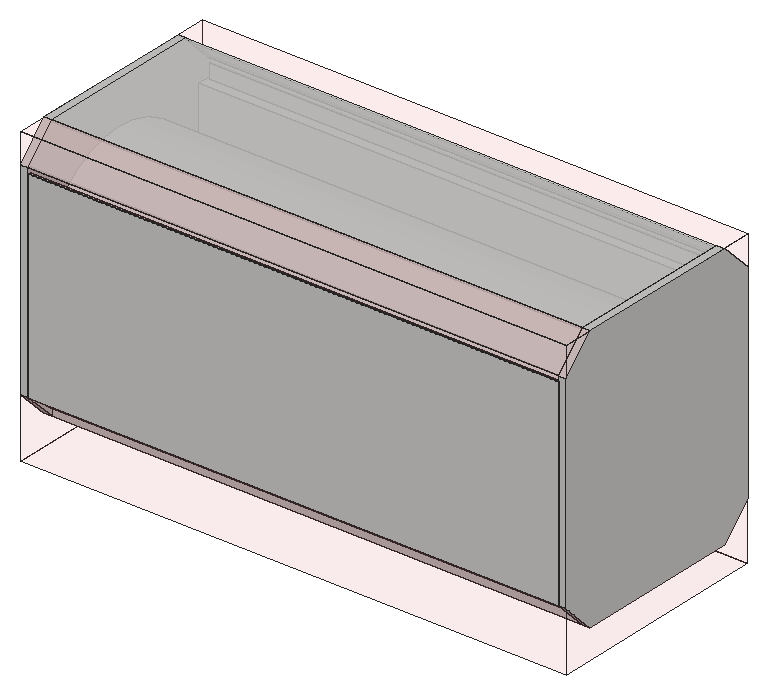
Revit family "Air-Curtain_Climate-Control_PoweredAire_ECE-E", category Mechanical Equipment, host Face, Revit 2023
Family settings
  Host = Face
  Round Connector Dimension = Use Diameter
  Part Type = Normal
  OmniClass Number = 23.75.35.17.21
  OmniClass Title = Air Curtains
  Cut with Voids When Loaded = No
  Maintain Annotation Orientation = No
  Shared = No
  Room Calculation Point = No
Parameters
  Warranty Duration (Years) = 0
  Unit Width Notes = "Other Widths available."  # constant formula
  Unit Width = 3' - 0"
  Unit Weight = 0
  Unit Height = 1' - 3"
  Unit Depth = 1' - 5 1/2"
  URL = "http://www.poweredaire.com/"
  Test Data = ""
  Temperature Rise_Range = "as Specified"
  Standards Conformance = "as Specified"
  Specification = "http://www.arcat.com/sdspecs/htm04/23_34_33pai.htm"
  SpecWizard = ""
  Sound Pressure = "as Specified"
  Sales Information = "http://www.poweredaire.com/contact_us"
  Revision = "R1_2016-08"
  Projection from Host [instance] = 0' - 2"
  Product Properties = ""
  Product Data = "http://www.arcat.com/arcatcos/cos47/arc47623.html"
  Power Rating = 0 W
  Outlet Volume_Range = "as Specified"
  Outlet Velocity_Range = "as Specified"
  Nozzle Width = if(1 = 1, Unit Width - 0' 1", 0' 0")  # 2' - 11"
  Mounting Width = if(1 = 1, Unit Width - 0' 0 15/16", 0' 0")  # 2' - 11 1/16"
  Mounting Height [instance] = 3' - 6"
  Motor RPM = 0
  Motor HP = 0
  Motor Count = 0
  Model = "As Specified"
  Max Height = 0' - 0"
  Manufacturer Website = "http://www.poweredaire.com/"
  Manufacturer Phone - Toll Free = "888-321-2473"
  Manufacturer Phone = "724-588-3305"
  Manufacturer Fax = "724-588-3371"
  Manufacturer Address = "109 Mortensen Rd.  Greenville, PA 16125"
  Manufacturer = "Powered Aire, Inc"
  Maintenance Schedule (Months) = 0
  Keynote = "23 34 33"
  Installation-Fabrication = ""
  Installation Phase = ""
  Include Clearance [instance] = yes
  Heating Element Load = 0 W
  HVAC_Temperature Rise [instance] = 0 °F
  HVAC_Outlet Volume [instance] = 0 CFM
  HVAC_Outlet Velocity Uniformity = 0
  HVAC_Outlet Velocity [instance] = 0 FPM
  Green Building-LEED = "http://www.arcat.com/green/clients/leed_data_47623.html"
  Front Grating Material [instance] = Metal - Steel - PoweredAire - Stainless 304 Perforated
  Frame Finish [instance] = Metal - Steel - PoweredAire - Stainless 304
  Expected Lifespan (Years) = 0
  Electrical_Wattage [instance] = Power Rating + Heating Element Load  # 0 W
  Electrical_Voltage [instance] = 0 V
  Electrical_Phase [instance] = 1
  Electrical_Frequency [instance] = 0 Hz
  Electrical_Amperage [instance] = 0 A
  Drawn By = "Sumex Design, Inc. / Robert S. Weygant, CSI, CDT, SCIP"
  Description = "Powered Aire Air Curtain as Specified"
  Default Elevation = 0' - 0"  # constant formula
  Copyright = "©Arcat Inc."
  Construction Details = "http://www.arcat.com/details/powair/prod3336.html"
  Clearance_Top [instance] = 0' - 0"
  Clearance_Side B [instance] = 0' - 0"
  Clearance_Side A [instance] = 0' - 0"
  Clearance_Intake [instance] = 0' - 0"
  Clearance_Bottom [instance] = 0' - 0"
  Clearance Material [instance] = ARCAT Clearance
  Building Codes = ""
  Available Options [instance] = "as Specified"
  Assembly Code = "D3090400"
Reference planes (in)
  plane 1 "Center (Elevation)": y = 0.13818
  plane 2: z = 0
  plane 3 "Center (Left/Right)": x = 0
  plane 4: y = 7.63818
  plane 5: y = -7.36182
  plane 6: x = -18
  plane 7: x = 18
  plane 8: z = 19.5
  plane 9 "FF": y = -41.86182
  plane 10: z = 2
  plane 11: x = 17.5
  plane 12: x = -17.5
  plane 13: y = 7.63818
  plane 14: y = -7.36182
  plane 15: x = -18
  plane 16: x = 18
  plane 17: z = 19.5
Forms (in)
  Extrusion 1, solid, material "Metal - Steel - PoweredAire - Stainless 304" <- "Frame Finish"
    sketch origin (0, 0, 0) x (0, 1, 0) y (0, 0, 1)
      loop
        line (5.69363, 2) -> (7.63818, 3.94454) -> (7.63818, 17.55546) -> (5.69363, 19.5) -> (-5.41728, 19.5) -> (-7.36182, 17.55546) -> (-7.36182, 3.94454) -> (-5.41728, 2) -> (5.69363, 2)
    from 17.5 to 18
  Extrusion 2, solid, material "Metal - Steel - PoweredAire - Stainless 304" <- "Frame Finish"
    sketch origin (0, 0, -0.5) x (0, 1, 0) y (0, 0, 1)
      loop
        circle (0.13818, 10.9739) r 6.25
      loop
        line (6.63818, 16.89427) -> (6.63818, 5.87829) -> (7.33849, 5.87829) -> (7.33849, 16.89427) -> (6.63818, 16.89427)
      loop
        line (-7.02798, 16.76927) -> (-7.02798, 5.75329) -> (-6.36182, 5.75329) -> (-6.36182, 16.76927) -> (-7.02798, 16.76927)
    from -17.5 to 17.5
  Extrusion 3, solid, material "Metal - Steel - PoweredAire - Stainless 304" <- "Frame Finish"
    sketch origin (0, 0, 0) x (0, 1, 0) y (0, 0, -1)
      loop
        line (5.69363, -2) -> (-5.41728, -2) -> (-7.36182, -3.94454) -> (-7.36182, -17.55546) -> (-5.41728, -19.5) -> (5.69363, -19.5) -> (7.63818, -17.55546) -> (7.63818, -3.94454) -> (5.69363, -2)
    from 17.5 to 18
  Extrusion 4, solid, material "Metal - Steel - PoweredAire - Stainless 304" <- "Frame Finish"
    sketch origin (0, 0, 0) x (0, 1, 0) y (0, 0, 1)
      loop
        line (-5.41728, 2) -> (5.69363, 2) -> (7.63818, 3.94454) -> (7.63818, 17.19454) -> (7.51318, 17.19454) -> (7.51318, 3.99632) -> (5.64186, 2.125) -> (-5.29228, 2.125) -> (-5.29228, 4.06954) -> (-7.23682, 4.06954) -> (-7.23682, 17.19454) -> (-7.36182, 17.19454) -> (-7.36182, 3.94454) -> (-5.41728, 3.94454) -> (-5.41728, 2)
      loop
        line (-6.64819, 3.61034) -> (-5.8702, 2.83235) -> (-5.74472, 2.95783) -> (-6.52271, 3.73583) -> (-6.64819, 3.61034)
    from -17.5 to 17.5
  Extrusion 5, solid, material "Metal - Steel - PoweredAire - Stainless 304 Perforated" <- "Front Grating Material"
    sketch origin (0, 0, 0) x (0, 1, 0) y (0, 0, 1)
      loop
        line (-7.36182, 17.19454) -> (-7.23682, 17.19454) -> (-7.23682, 17.50368) -> (-5.3655, 19.375) -> (5.64186, 19.375) -> (7.51318, 17.50368) -> (7.51318, 17.19454) -> (7.63818, 17.19454) -> (7.63818, 17.55546) -> (5.69363, 19.5) -> (-5.41728, 19.5) -> (-7.36182, 17.55546) -> (-7.36182, 17.19454)
    from -17.5 to 17.5
  Extrusion 6, solid, material "ARCAT Clearance" <- "Clearance Material", visible <- "Include Clearance"
    sketch origin (0, 0, 0) x (0, 1, 0) y (0, 0, 1)
      loop
        line (-7.36182, 19.5) -> (-7.36182, 0) -> (7.63818, 0) -> (7.63818, 19.5) -> (-7.36182, 19.5)
    from -18 to 18
Dimensions and locks (in)
  equal spacing: plane 4, plane 1 "Center (Elevation)", plane 5
  "Unit Height": plane 4 to plane 5
  equal spacing: plane 6, plane 3 "Center (Left/Right)", plane 7
  "Unit Width": plane 6 to plane 7
  "Mounting Height": plane 1 "Center (Elevation)" to plane 9 "FF"
  "Projection from Host": plane 10 to level
  "Unit Depth": plane 8 to plane 10
  locked: plane 6 to plane 12 at 0.5
  locked: plane 11 to plane 7 at 0.5
  "Clearance_Side A": plane 7 to plane 16
  "Clearance_Side B": plane 15 to plane 6
  "Clearance_Top": plane 13 to plane 4
  "Clearance_Bottom": plane 5 to plane 14
  "Clearance_Intake": plane 17 to plane 8
  aligned and locked: plane 2 to host face
  aligned and locked: level to host face
  aligned and locked: plane 7 to Extrusion 1
  aligned and locked: Extrusion 1 to plane 11
  aligned and locked: plane 12 to Extrusion 3
  aligned and locked: Extrusion 3 to plane 6
  aligned and locked: Extrusion 2 to plane 12
  aligned and locked: plane 11 to Extrusion 2
  aligned and locked: plane 11 to Extrusion 4
  aligned and locked: Extrusion 4 to plane 12
  aligned and locked: plane 11 to Extrusion 5
  aligned and locked: Extrusion 5 to plane 12
  aligned and locked: Extrusion 6 sketch curve to plane 17
  aligned and locked: plane 14 to Extrusion 6 sketch curve
  aligned and locked: level to Extrusion 6 sketch curve
  aligned and locked: Extrusion 6 sketch curve to plane 13
  aligned and locked: plane 16 to Extrusion 6
  aligned and locked: Extrusion 6 to plane 15
Automatic sketch dimensions
  host sketch curve to host sketch curve = 8' - 0"  (x2)
  Extrusion 1 sketch curve to plane 5 = 0' - 0"
  Extrusion 1 sketch curve to plane 8 = 0' - 0"
  Extrusion 1 sketch curve to plane 10 = 0' - 0"
  Extrusion 1 sketch curve to plane 4 = 0' - 0"
  plane 5 to Extrusion 1 sketch curve = 0' - 1.94454"  (x2)
  Extrusion 1 sketch curve to plane 4 = 0' - 1.94454"  (x2)
  plane 10 to Extrusion 1 sketch curve = 0' - 1.94454"  (x2)
  Extrusion 1 sketch curve to plane 8 = 0' - 1.94454"  (x2)
  Extrusion 2 sketch curve to plane 1 "Center (Elevation)" = 0' - 0"
  plane 5 to Extrusion 2 sketch curve = 0' - 1"
  plane 5 to Extrusion 2 sketch curve = 0' - 0.33384"
  Extrusion 2 sketch curve to plane 4 = 0' - 1"
  Extrusion 2 sketch curve to plane 4 = 0' - 0.29969"
  plane 10 to Extrusion 2 sketch curve = 0' - 3.37829"
  plane 10 to Extrusion 2 sketch curve = 0' - 3.25329"
  Extrusion 2 sketch curve to plane 8 = 0' - 9.0261"
  Extrusion 2 sketch curve to plane 8 = 0' - 3.23073"
  Extrusion 2 sketch curve to plane 8 = 0' - 3.10573"
  Extrusion 3 sketch curve to plane 5 = 0' - 0"
  Extrusion 3 sketch curve to plane 8 = 0' - 0"
  Extrusion 3 sketch curve to plane 10 = 0' - 0"
  Extrusion 3 sketch curve to plane 4 = 0' - 0"
  plane 5 to Extrusion 3 sketch curve = 0' - 1.94454"  (x2)
  Extrusion 3 sketch curve to plane 4 = 0' - 1.94454"  (x2)
  Extrusion 3 sketch curve to plane 8 = 0' - 1.94454"  (x2)
  plane 10 to Extrusion 3 sketch curve = 0' - 1.94454"  (x2)
  Extrusion 4 sketch curve to plane 5 = 0' - 0"
  Extrusion 4 sketch curve to plane 10 = 0' - 0"
  Extrusion 4 sketch curve to plane 4 = 0' - 0"
  plane 5 to Extrusion 4 sketch curve = 0' - 0 1/8"
  plane 5 to Extrusion 4 sketch curve = 0' - 0.71363"
  Extrusion 4 sketch curve to Extrusion 4 sketch curve = 0' - 0.12548"  (x2)
  Extrusion 4 sketch curve to Extrusion 4 sketch curve = 0' - 0.778"
  Extrusion 4 sketch curve to Extrusion 4 sketch curve = 0' - 0.32744"
  Extrusion 4 sketch curve to Extrusion 4 sketch curve = 0' - 0 1/8"  (x2)
  plane 10 to Extrusion 4 sketch curve = 0' - 0 1/8"
  Extrusion 4 sketch curve to plane 4 = 0' - 1.99632"
  Extrusion 4 sketch curve to Extrusion 4 sketch curve = 0' - 0.05178"  (x2)
  plane 10 to Extrusion 4 sketch curve = 0' - 0.83235"
  plane 10 to Extrusion 4 sketch curve = 0' - 1.94454"
  Extrusion 4 sketch curve to Extrusion 4 sketch curve = 0' - 0.3342"
  Extrusion 4 sketch curve to plane 4 = 0' - 0 1/8"
  Extrusion 4 sketch curve to plane 8 = 0' - 2.30546"  (x2)
  Extrusion 5 sketch curve to plane 5 = 0' - 0"
  Extrusion 5 sketch curve to plane 8 = 0' - 0"
  Extrusion 5 sketch curve to plane 4 = 0' - 0"
  plane 5 to Extrusion 5 sketch curve = 0' - 0 1/8"
  plane 5 to Extrusion 5 sketch curve = 0' - 1.94454"
  Extrusion 5 sketch curve to plane 8 = 0' - 0 1/8"
  Extrusion 5 sketch curve to Extrusion 5 sketch curve = 0' - 0.05178"  (x4)
  Extrusion 5 sketch curve to plane 4 = 0' - 1.99632"
  Extrusion 5 sketch curve to plane 8 = 0' - 1.94454"  (x2)
  Extrusion 5 sketch curve to Extrusion 5 sketch curve = 0' - 0 1/8"
  Extrusion 5 sketch curve to Extrusion 5 sketch curve = 0' - 0.30914"  (x2)
  radius of Extrusion 2 sketch curve = 0' - 6 1/4"
Connectors (in)
  electrical at (0, 7.63818, 10.56954), driven by "Electrical_Phase", driven by "Electrical_Voltage"
    settings: on Extrusion 4, index 1, voltage 0 V, apparent load 0 VA, apparent load phase1 0 VA, apparent load phase2 0 VA, apparent load phase3 0 VA, power factor 1, load classification "Motor", number of poles 1, system type 31, power factor state 1, is connector primary yes, connector utility no, sub classification motor no, connector description ""
